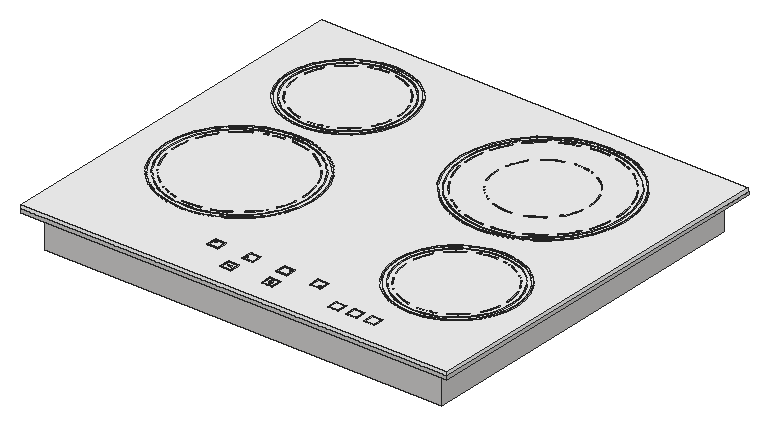
Revit family "QF_Summit_CR4B23T6W_4-Burner Radiant Cooktop", category Specialty Equipment, Revit 2020
Family settings
  Round Connector Dimension = Use Diameter
  Part Type = Normal
  Work Plane-Based = No
  Always vertical = Yes
  Cut with Voids When Loaded = No
  Shared = No
  Room Calculation Point = No
Parameters
  Weight in Pounds = 20
  Watts = Volts * FL Amps  # 6900 W
  Volts = 230 V
  URL Cutsheet = ""
  Specification by User = ""
  Specification by Manufacturer = ""
  Serial Number = ""
  Seismic Rating = ""
  SMACNA No = ""
  Revision Code = ""
  Phase = 1
  Number of Poles = 1
  NAFEM Spec ID Number = ""
  Model = "CR4B23T6W"
  Min Ckt Ampacity = 0 A
  Max Overcurrent Protection = 0 A
  Masterspec = ""
  Manufacturer = "Summit"
  Length = 23 1/4"
  Item Number = ""
  Installed By = ""
  Identify Quantity as Lot = yes
  Height = 2"
  HP = ""
  Furnished By = ""
  Foodservice Equipment Identifier = yes
  FL Amps = 30 A
  Electrical Remarks = ""
  Electric Connection Type = ""
  Elec Conn RI Height = 0"
  Elec Conn Connection Height = 0"
  Description = "4-Burner Radiant Cooktop"
  Depth = 20 1/2"
  Default Elevation = 0"
  Cycle = 60 Hz
  Conn Plug = ""
  Conn Conduit = yes
  CSI MasterFormat = ""
  Apparent Power = if(Phase = 3, Volts * FL Amps * 1.73, Volts * FL Amps)  # 6900 VA
Reference planes (in)
  plane 1 "BACK": y = 0
  plane 2: z = 0
  plane 3 "LEFT": x = 0
  plane 4 "RIGHT": x = 23.25
  plane 5 "FRONT": y = -20.5
  plane 6 "TOP": z = 2
  plane 7 "Center Y": x = 11.625
  plane 8 "Center X": y = -10.25
  plane 9: z = 2.1875
  plane 10: x = 0.8125
  plane 11: x = 22.4375
  plane 12: y = -0.625
  plane 13: y = -19.875
  plane 14: x = 14.4375
Forms (in)
  Extrusion 1, solid, material "QF_Plastic_White_Smooth"
    sketch origin (-38.39759, -180, 2) x (-1, 0, 0) y (0, -1, 0)
      loop
        line (-38.39759, -180) -> (-38.39759, -159.5) -> (-61.64759, -159.5) -> (-61.64759, -180) -> (-38.39759, -180)
      loop
        arc (-41.04008, -174.14372) -> (-41.31494, -173.75111) -> (-41.65378, -173.41218) r 2.75
        line (-41.65378, -173.41218) -> (-41.67597, -173.43436)
        arc (-41.67597, -173.43436) -> (-41.33976, -173.77015) -> (-41.06715, -174.15935) r 2.71875
        line (-41.06715, -174.15935) -> (-41.04008, -174.14372)
      loop
        circle (-43.42176, -175.51854) r 3
      loop
        circle (-43.42176, -175.51854) r 3.27294
      loop
        circle (-43.42176, -175.51854) r 3.21044
      loop
        circle (-43.42176, -175.51854) r 2.96875
      loop
        line (-42.4519, -178.09184) -> (-42.46293, -178.0626)
        arc (-42.46293, -178.0626) -> (-42.95187, -178.19638) -> (-43.45715, -178.23706) r 2.71875
        line (-43.45715, -178.23706) -> (-43.45715, -178.26831)
        arc (-43.45715, -178.26831) -> (-42.94627, -178.22712) -> (-42.4519, -178.09184) r 2.75
      loop
        line (-43.86888, -178.23195) -> (-43.8638, -178.20111)
        arc (-43.8638, -178.20111) -> (-44.3558, -178.07181) -> (-44.8151, -177.85311) r 2.71875
        line (-44.8151, -177.85311) -> (-44.83111, -177.87994)
        arc (-44.83111, -177.87994) -> (-44.36653, -178.10116) -> (-43.86888, -178.23195) r 2.75
      loop
        line (-45.1697, -177.64156) -> (-45.1475, -177.61936)
        arc (-45.1475, -177.61936) -> (-45.49724, -177.27467) -> (-45.77927, -176.8727) r 2.71875
        line (-45.77927, -176.8727) -> (-45.80637, -176.88826)
        arc (-45.80637, -176.88826) -> (-45.52208, -177.29369) -> (-45.1697, -177.64156) r 2.75
      loop
        line (-45.98718, -176.50906) -> (-45.95802, -176.4978)
        arc (-45.95802, -176.4978) -> (-46.0918, -176.03086) -> (-46.14035, -175.54757) r 2.71875
        line (-46.14035, -175.54757) -> (-46.1716, -175.54757)
        arc (-46.1716, -175.54757) -> (-46.12252, -176.03659) -> (-45.98718, -176.50906) r 2.75
      loop
        line (-46.13425, -175.06592) -> (-46.10343, -175.07106)
        arc (-46.10343, -175.07106) -> (-45.98392, -174.60918) -> (-45.78551, -174.17531) r 2.71875
        line (-45.78551, -174.17531) -> (-45.81268, -174.15987)
        arc (-45.81268, -174.15987) -> (-46.01337, -174.59873) -> (-46.13425, -175.06592) r 2.75
      loop
        line (-45.52732, -173.74961) -> (-45.50513, -173.77179)
        arc (-45.50513, -173.77179) -> (-45.16089, -173.4288) -> (-44.76108, -173.15257) r 2.71875
        line (-44.76108, -173.15257) -> (-44.77647, -173.12537)
        arc (-44.77647, -173.12537) -> (-45.17982, -173.4039) -> (-45.52732, -173.74961) r 2.75
      loop
        line (-44.40497, -172.95031) -> (-44.3938, -172.9795)
        arc (-44.3938, -172.9795) -> (-43.93729, -172.84912) -> (-43.46506, -172.80014) r 2.71875
        line (-43.46506, -172.80014) -> (-43.46506, -172.76888)
        arc (-43.46506, -172.76888) -> (-43.94297, -172.81839) -> (-44.40497, -172.95031) r 2.75
      loop
        line (-42.93344, -172.81224) -> (-42.93899, -172.843)
        arc (-42.93899, -172.843) -> (-42.48939, -172.96466) -> (-42.06715, -173.16129) r 2.71875
        line (-42.06715, -173.16129) -> (-42.05158, -173.1342)
        arc (-42.05158, -173.1342) -> (-42.47867, -172.93531) -> (-42.93344, -172.81224) r 2.75
      loop
        line (-40.84101, -174.56867) -> (-40.87034, -174.57947)
        arc (-40.87034, -174.57947) -> (-40.75013, -175.01455) -> (-40.70356, -175.46352) r 2.71875
        line (-40.70356, -175.46352) -> (-40.67231, -175.46352)
        arc (-40.67231, -175.46352) -> (-40.71936, -175.00906) -> (-40.84101, -174.56867) r 2.75
      loop
        line (-40.70948, -175.97245) -> (-40.7403, -175.96729)
        arc (-40.7403, -175.96729) -> (-40.85928, -176.42701) -> (-41.05644, -176.85901) r 2.71875
        line (-41.05644, -176.85901) -> (-41.02925, -176.87442)
        arc (-41.02925, -176.87442) -> (-40.82983, -176.43745) -> (-40.70948, -175.97245) r 2.75
      loop
        arc (-42.06227, -177.909) -> (-41.66364, -177.63314) -> (-41.31964, -177.29157) r 2.75
        line (-41.31964, -177.29157) -> (-41.34353, -177.27142)
        arc (-41.34353, -177.27142) -> (-41.68362, -177.60911) -> (-42.07772, -177.88183) r 2.71875
        line (-42.07772, -177.88183) -> (-42.06227, -177.909)
      loop
        arc (-54.73567, -164.43448) -> (-55.01053, -164.04186) -> (-55.34937, -163.70293) r 2.75
        line (-55.34937, -163.70293) -> (-55.37155, -163.72511)
        arc (-55.37155, -163.72511) -> (-55.03535, -164.0609) -> (-54.76273, -164.4501) r 2.71875
        line (-54.76273, -164.4501) -> (-54.73567, -164.43448)
      loop
        circle (-57.11734, -165.80929) r 3
      loop
        circle (-57.11734, -165.80929) r 3.27294
      loop
        circle (-57.11734, -165.80929) r 3.21044
      loop
        circle (-57.11734, -165.80929) r 2.96875
      loop
        line (-56.14749, -168.3826) -> (-56.15851, -168.35335)
        arc (-56.15851, -168.35335) -> (-56.64746, -168.48713) -> (-57.15274, -168.52781) r 2.71875
        line (-57.15274, -168.52781) -> (-57.15274, -168.55907)
        arc (-57.15274, -168.55907) -> (-56.64186, -168.51788) -> (-56.14749, -168.3826) r 2.75
      loop
        line (-57.56447, -168.5227) -> (-57.55939, -168.49187)
        arc (-57.55939, -168.49187) -> (-58.05139, -168.36256) -> (-58.51068, -168.14386) r 2.71875
        line (-58.51068, -168.14386) -> (-58.5267, -168.1707)
        arc (-58.5267, -168.1707) -> (-58.06212, -168.39191) -> (-57.56447, -168.5227) r 2.75
      loop
        line (-58.86529, -167.93231) -> (-58.84309, -167.91011)
        arc (-58.84309, -167.91011) -> (-59.19282, -167.56542) -> (-59.47486, -167.16345) r 2.71875
        line (-59.47486, -167.16345) -> (-59.50195, -167.17902)
        arc (-59.50195, -167.17902) -> (-59.21767, -167.58444) -> (-58.86529, -167.93231) r 2.75
      loop
        line (-59.68276, -166.79981) -> (-59.65361, -166.78856)
        arc (-59.65361, -166.78856) -> (-59.78739, -166.32162) -> (-59.83594, -165.83832) r 2.71875
        line (-59.83594, -165.83832) -> (-59.86719, -165.83832)
        arc (-59.86719, -165.83832) -> (-59.81811, -166.32734) -> (-59.68276, -166.79981) r 2.75
      loop
        line (-59.82984, -165.35667) -> (-59.79902, -165.36181)
        arc (-59.79902, -165.36181) -> (-59.67951, -164.89994) -> (-59.4811, -164.46606) r 2.71875
        line (-59.4811, -164.46606) -> (-59.50827, -164.45062)
        arc (-59.50827, -164.45062) -> (-59.70896, -164.88948) -> (-59.82984, -165.35667) r 2.75
      loop
        line (-59.2229, -164.04036) -> (-59.20072, -164.06254)
        arc (-59.20072, -164.06254) -> (-58.85647, -163.71955) -> (-58.45666, -163.44332) r 2.71875
        line (-58.45666, -163.44332) -> (-58.47206, -163.41613)
        arc (-58.47206, -163.41613) -> (-58.87541, -163.69465) -> (-59.2229, -164.04036) r 2.75
      loop
        line (-58.10056, -163.24107) -> (-58.08939, -163.27025)
        arc (-58.08939, -163.27025) -> (-57.63288, -163.13987) -> (-57.16064, -163.09089) r 2.71875
        line (-57.16064, -163.09089) -> (-57.16064, -163.05963)
        arc (-57.16064, -163.05963) -> (-57.63856, -163.10914) -> (-58.10056, -163.24107) r 2.75
      loop
        line (-56.62903, -163.103) -> (-56.63458, -163.13375)
        arc (-56.63458, -163.13375) -> (-56.18497, -163.25542) -> (-55.76273, -163.45204) r 2.71875
        line (-55.76273, -163.45204) -> (-55.74716, -163.42495)
        arc (-55.74716, -163.42495) -> (-56.17426, -163.22606) -> (-56.62903, -163.103) r 2.75
      loop
        line (-54.5366, -164.85942) -> (-54.56593, -164.87022)
        arc (-54.56593, -164.87022) -> (-54.44572, -165.3053) -> (-54.39915, -165.75427) r 2.71875
        line (-54.39915, -165.75427) -> (-54.3679, -165.75427)
        arc (-54.3679, -165.75427) -> (-54.41495, -165.29982) -> (-54.5366, -164.85942) r 2.75
      loop
        line (-54.40506, -166.2632) -> (-54.43588, -166.25804)
        arc (-54.43588, -166.25804) -> (-54.55487, -166.71776) -> (-54.75202, -167.14976) r 2.71875
        line (-54.75202, -167.14976) -> (-54.72484, -167.16517)
        arc (-54.72484, -167.16517) -> (-54.52541, -166.7282) -> (-54.40506, -166.2632) r 2.75
      loop
        arc (-55.75785, -168.19975) -> (-55.35923, -167.92389) -> (-55.01523, -167.58232) r 2.75
        line (-55.01523, -167.58232) -> (-55.03912, -167.56217)
        arc (-55.03912, -167.56217) -> (-55.3792, -167.89986) -> (-55.7733, -168.17259) r 2.71875
        line (-55.7733, -168.17259) -> (-55.75785, -168.19975)
      loop
        arc (-43.57188, -171.03287) -> (-43.093, -170.95522) -> (-42.62947, -170.8121) r 3.5
        line (-42.62947, -170.8121) -> (-42.64074, -170.78295)
        arc (-42.64074, -170.78295) -> (-43.10013, -170.92479) -> (-43.57473, -171.00175) r 3.46875
        line (-43.57473, -171.00175) -> (-43.57188, -171.03287)
      loop
        circle (-43.89132, -167.54748) r 3.75
      loop
        circle (-43.89132, -167.54748) r 3.71875
      loop
        circle (-43.89132, -167.54748) r 4.0233
      loop
        circle (-43.89132, -167.54748) r 3.9608
      loop
        arc (-42.16862, -170.59417) -> (-41.75362, -170.3188) -> (-41.3819, -169.98731) r 3.5
        line (-41.3819, -169.98731) -> (-41.404, -169.96522)
        arc (-41.404, -169.96522) -> (-41.77253, -170.29392) -> (-42.184, -170.56696) r 3.46875
        line (-42.184, -170.56696) -> (-42.16862, -170.59417)
      loop
        arc (-41.07331, -169.62325) -> (-40.80021, -169.18913) -> (-40.59348, -168.71975) r 3.5
        line (-40.59348, -168.71975) -> (-40.62292, -168.70928)
        arc (-40.62292, -168.70928) -> (-40.82781, -169.17447) -> (-41.09847, -169.60471) r 3.46875
        line (-41.09847, -169.60471) -> (-41.07331, -169.62325)
      loop
        arc (-40.47444, -168.30573) -> (-40.40019, -167.79652) -> (-40.40141, -167.28193) r 3.5
        line (-40.40141, -167.28193) -> (-40.43257, -167.2843)
        arc (-40.43257, -167.2843) -> (-40.43137, -167.7943) -> (-40.50495, -168.29896) r 3.46875
        line (-40.50495, -168.29896) -> (-40.47444, -168.30573)
      loop
        arc (-40.47124, -166.8038) -> (-40.61384, -166.31942) -> (-40.82466, -165.86059) r 3.5
        line (-40.82466, -165.86059) -> (-40.85204, -165.87565)
        arc (-40.85204, -165.87565) -> (-40.64311, -166.33038) -> (-40.50178, -166.81044) r 3.46875
        line (-40.50178, -166.81044) -> (-40.47124, -166.8038)
      loop
        arc (-41.04351, -165.51279) -> (-41.3867, -165.10271) -> (-41.78835, -164.74971) r 3.5
        line (-41.78835, -164.74971) -> (-41.80713, -164.77469)
        arc (-41.80713, -164.77469) -> (-41.40906, -165.12454) -> (-41.06894, -165.53095) r 3.46875
        line (-41.06894, -165.53095) -> (-41.04351, -165.51279)
      loop
        arc (-42.16137, -164.5049) -> (-42.61936, -164.28679) -> (-43.10406, -164.13717) r 3.5
        line (-43.10406, -164.13717) -> (-43.11109, -164.16762)
        arc (-43.11109, -164.16762) -> (-42.63071, -164.3159) -> (-42.17682, -164.53207) r 3.46875
        line (-42.17682, -164.53207) -> (-42.16137, -164.5049)
      loop
        arc (-43.56884, -164.06237) -> (-44.06246, -164.05167) -> (-44.55267, -164.11053) r 3.5
        line (-44.55267, -164.11053) -> (-44.54677, -164.14122)
        arc (-44.54677, -164.14122) -> (-44.06093, -164.08288) -> (-43.57172, -164.09348) r 3.46875
        line (-43.57172, -164.09348) -> (-43.56884, -164.06237)
      loop
        arc (-44.9796, -164.22097) -> (-45.4328, -164.40521) -> (-45.85588, -164.65084) r 3.5
        line (-45.85588, -164.65084) -> (-45.83834, -164.67671)
        arc (-45.83834, -164.67671) -> (-45.41904, -164.43327) -> (-44.96988, -164.25067) r 3.46875
        line (-44.96988, -164.25067) -> (-44.9796, -164.22097)
      loop
        arc (-46.24185, -164.95422) -> (-46.58867, -165.31716) -> (-46.88, -165.72599) r 3.5
        line (-46.88, -165.72599) -> (-46.85332, -165.74226)
        arc (-46.85332, -165.74226) -> (-46.5641, -165.33649) -> (-46.21973, -164.97634) r 3.46875
        line (-46.21973, -164.97634) -> (-46.24185, -164.95422)
      loop
        arc (-47.0906, -166.1281) -> (-47.25975, -166.59685) -> (-47.36062, -167.08487) r 3.5
        line (-47.36062, -167.08487) -> (-47.32964, -167.089)
        arc (-47.32964, -167.089) -> (-47.22967, -166.60533) -> (-47.06203, -166.14077) r 3.46875
        line (-47.06203, -166.14077) -> (-47.0906, -166.1281)
      loop
        arc (-47.39125, -167.52549) -> (-47.35134, -168.075) -> (-47.22569, -168.61144) r 3.5
        line (-47.22569, -168.61144) -> (-47.19592, -168.60194)
        arc (-47.19592, -168.60194) -> (-47.32046, -168.07019) -> (-47.36, -167.52549) r 3.46875
        line (-47.36, -167.52549) -> (-47.39125, -167.52549)
      loop
        arc (-47.10293, -168.93873) -> (-46.86822, -169.38815) -> (-46.57104, -169.79895) r 3.5
        line (-46.57104, -169.79895) -> (-46.54711, -169.77885)
        arc (-46.54711, -169.77885) -> (-46.84164, -169.37172) -> (-47.07425, -168.92631) r 3.46875
        line (-47.07425, -168.92631) -> (-47.10293, -168.93873)
      loop
        arc (-46.27452, -170.11075) -> (-45.85387, -170.44548) -> (-45.38692, -170.71184) r 3.5
        line (-45.38692, -170.71184) -> (-45.37356, -170.68359)
        arc (-45.37356, -170.68359) -> (-45.83587, -170.41992) -> (-46.25241, -170.08864) r 3.46875
        line (-46.25241, -170.08864) -> (-46.27452, -170.11075)
      loop
        arc (-45.01684, -170.86157) -> (-44.52617, -170.98942) -> (-44.02217, -171.04503) r 3.5
        line (-44.02217, -171.04503) -> (-44.021, -171.0138)
        arc (-44.021, -171.0138) -> (-44.5205, -170.95869) -> (-45.00679, -170.83198) r 3.46875
        line (-45.00679, -170.83198) -> (-45.01684, -170.86157)
      loop
        arc (-52.45498, -177.74141) -> (-52.05312, -177.39958) -> (-51.6991, -177.00841) r 4.05
        line (-51.6991, -177.00841) -> (-51.72359, -176.989)
        arc (-51.72359, -176.989) -> (-52.07652, -177.37874) -> (-52.47732, -177.71908) r 4.01875
        line (-52.47732, -177.71908) -> (-52.45498, -177.74141)
      loop
        circle (-54.87257, -174.49214) r 4.2795
      loop
        circle (-54.87257, -174.49214) r 4.24825
      loop
        circle (-54.87257, -174.49214) r 4.53349
      loop
        circle (-54.87257, -174.49214) r 4.47099
      loop
        line (-52.8956, -178.02684) -> (-52.91086, -177.99957)
        arc (-52.91086, -177.99957) -> (-53.35645, -178.21393) -> (-53.82499, -178.37195) r 4.01875
        line (-53.82499, -178.37195) -> (-53.81685, -178.40212)
        arc (-53.81685, -178.40212) -> (-53.34466, -178.24288) -> (-52.8956, -178.02684) r 4.05
      loop
        line (-54.27132, -178.49726) -> (-54.27596, -178.46636)
        arc (-54.27596, -178.46636) -> (-54.78248, -178.50988) -> (-55.29045, -178.48911) r 4.01875
        line (-55.29045, -178.48911) -> (-55.2937, -178.52019)
        arc (-55.2937, -178.52019) -> (-54.78178, -178.54113) -> (-54.27132, -178.49726) r 4.05
      loop
        line (-55.71473, -178.45361) -> (-55.70824, -178.42305)
        arc (-55.70824, -178.42305) -> (-56.21211, -178.28107) -> (-56.69326, -178.0748) r 4.01875
        line (-56.69326, -178.0748) -> (-56.70742, -178.10266)
        arc (-56.70742, -178.10266) -> (-56.22253, -178.31053) -> (-55.71473, -178.45361) r 4.05
      loop
        line (-57.07049, -177.89386) -> (-57.05353, -177.86761)
        arc (-57.05353, -177.86761) -> (-57.47745, -177.55236) -> (-57.85636, -177.18423) r 4.01875
        line (-57.85636, -177.18423) -> (-57.87849, -177.20635)
        arc (-57.87849, -177.20635) -> (-57.4971, -177.57668) -> (-57.07049, -177.89386) r 4.05
      loop
        line (-58.17072, -176.84262) -> (-58.14527, -176.82448)
        arc (-58.14527, -176.82448) -> (-58.4419, -176.33883) -> (-58.66696, -175.81614) r 4.01875
        line (-58.66696, -175.81614) -> (-58.69646, -175.82644)
        arc (-58.69646, -175.82644) -> (-58.46965, -176.35319) -> (-58.17072, -176.84262) r 4.05
      loop
        line (-58.78815, -175.52689) -> (-58.75794, -175.51891)
        arc (-58.75794, -175.51891) -> (-58.8562, -175.02227) -> (-58.89124, -174.51722) r 4.01875
        line (-58.89124, -174.51722) -> (-58.92249, -174.51722)
        arc (-58.92249, -174.51722) -> (-58.88719, -175.02629) -> (-58.78815, -175.52689) r 4.05
      loop
        line (-58.89637, -174.03224) -> (-58.86532, -174.03578)
        arc (-58.86532, -174.03578) -> (-58.77301, -173.5242) -> (-58.61543, -173.02881) r 4.01875
        line (-58.61543, -173.02881) -> (-58.64453, -173.01743)
        arc (-58.64453, -173.01743) -> (-58.80334, -173.51667) -> (-58.89637, -174.03224) r 4.05
      loop
        line (-58.46771, -172.62734) -> (-58.43997, -172.64173)
        arc (-58.43997, -172.64173) -> (-58.16789, -172.19188) -> (-57.83942, -171.7814) r 4.01875
        line (-57.83942, -171.7814) -> (-57.86154, -171.75928)
        arc (-57.86154, -171.75928) -> (-58.19311, -172.17342) -> (-58.46771, -172.62734) r 4.05
      loop
        line (-57.56004, -171.46229) -> (-57.5379, -171.48443)
        arc (-57.5379, -171.48443) -> (-57.11978, -171.16042) -> (-56.66273, -170.89413) r 4.01875
        line (-56.66273, -170.89413) -> (-56.67665, -170.86615)
        arc (-56.67665, -170.86615) -> (-57.13804, -171.13504) -> (-57.56004, -171.46229) r 4.05
      loop
        line (-56.29515, -170.70021) -> (-56.28418, -170.72947)
        arc (-56.28418, -170.72947) -> (-55.76552, -170.57385) -> (-55.23064, -170.48938) r 4.01875
        line (-55.23064, -170.48938) -> (-55.23343, -170.45825)
        arc (-55.23343, -170.45825) -> (-55.77246, -170.54338) -> (-56.29515, -170.70021) r 4.05
      loop
        line (-54.80602, -170.44269) -> (-54.80602, -170.47394)
        arc (-54.80602, -170.47394) -> (-54.2651, -170.51957) -> (-53.73527, -170.63768) r 4.01875
        line (-53.73527, -170.63768) -> (-53.72643, -170.6077)
        arc (-53.72643, -170.6077) -> (-54.26064, -170.48864) -> (-54.80602, -170.44269) r 4.05
      loop
        line (-53.29349, -170.76267) -> (-53.30567, -170.79144)
        arc (-53.30567, -170.79144) -> (-52.86462, -171.01098) -> (-52.45375, -171.28284) r 4.01875
        line (-52.45375, -171.28284) -> (-52.43144, -171.26052)
        arc (-52.43144, -171.26052) -> (-52.84711, -170.98501) -> (-53.29349, -170.76267) r 4.05
      loop
        line (-52.04776, -171.58991) -> (-52.06986, -171.61201)
        arc (-52.06986, -171.61201) -> (-51.71485, -172.00636) -> (-51.41488, -172.44404) r 4.01875
        line (-51.41488, -172.44404) -> (-51.38799, -172.42811)
        arc (-51.38799, -172.42811) -> (-51.69016, -171.98719) -> (-52.04776, -171.58991) r 4.05
      loop
        line (-51.19289, -172.80027) -> (-51.22128, -172.81333)
        arc (-51.22128, -172.81333) -> (-51.03849, -173.2879) -> (-50.9171, -173.78176) r 4.01875
        line (-50.9171, -173.78176) -> (-50.88635, -173.77624)
        arc (-50.88635, -173.77624) -> (-51.00868, -173.27854) -> (-51.19289, -172.80027) r 4.05
      loop
        line (-50.82954, -174.25468) -> (-50.86084, -174.25468)
        arc (-50.86084, -174.25468) -> (-50.86395, -174.77733) -> (-50.93486, -175.29515) r 4.01875
        line (-50.93486, -175.29515) -> (-50.90424, -175.3014)
        arc (-50.90424, -175.3014) -> (-50.83285, -174.78047) -> (-50.82954, -174.25468) r 4.05
      loop
        line (-51.00897, -175.70669) -> (-51.03879, -175.69732)
        arc (-51.03879, -175.69732) -> (-51.22812, -176.18577) -> (-51.47939, -176.64544) r 4.01875
        line (-51.47939, -176.64544) -> (-51.45301, -176.66219)
        arc (-51.45301, -176.66219) -> (-51.19978, -176.19894) -> (-51.00897, -175.70669) r 4.05
      loop
        arc (-52.85215, -176.00292) -> (-52.57537, -175.53493) -> (-52.40529, -175.01851) r 2.5228
        line (-52.40529, -175.01851) -> (-52.43585, -175.01199)
        arc (-52.43585, -175.01199) -> (-52.60383, -175.52202) -> (-52.87718, -175.98421) r 2.49155
        line (-52.87718, -175.98421) -> (-52.85215, -176.00292)
      loop
        arc (-54.13588, -176.90499) -> (-53.64709, -176.6973) -> (-53.21261, -176.3919) r 2.5228
        line (-53.21261, -176.3919) -> (-53.23476, -176.36975)
        arc (-53.23476, -176.36975) -> (-53.66319, -176.6705) -> (-54.145, -176.8751) r 2.49155
        line (-54.145, -176.8751) -> (-54.13588, -176.90499)
      loop
        line (-54.61462, -177.00172) -> (-54.61781, -176.97064)
        arc (-54.61781, -176.97064) -> (-55.1417, -176.96912) -> (-55.65369, -176.85809) r 2.49155
        line (-55.65369, -176.85809) -> (-55.66349, -176.88776)
        arc (-55.66349, -176.88776) -> (-55.14507, -177.00018) -> (-54.61462, -177.00172) r 2.5228
      loop
        line (-56.10477, -176.69355) -> (-56.08951, -176.66629)
        arc (-56.08951, -176.66629) -> (-56.52631, -176.35574) -> (-56.88659, -175.95896) r 2.49155
        line (-56.88659, -175.95896) -> (-56.91185, -175.97736)
        arc (-56.91185, -175.97736) -> (-56.54705, -176.37911) -> (-56.10477, -176.69355) r 2.5228
      loop
        line (-57.16328, -175.5491) -> (-57.13491, -175.53601)
        arc (-57.13491, -175.53601) -> (-57.30038, -175.05212) -> (-57.36357, -174.54465) r 2.49155
        line (-57.36357, -174.54465) -> (-57.39483, -174.54465)
        arc (-57.39483, -174.54465) -> (-57.3309, -175.05882) -> (-57.16328, -175.5491) r 2.5228
      loop
        line (-56.91231, -173.0613) -> (-56.93474, -173.03887)
        arc (-56.93474, -173.03887) -> (-57.20992, -173.54277) -> (-57.36405, -174.09584) r 2.5228
        line (-57.36405, -174.09584) -> (-57.33319, -174.10075)
        arc (-57.33319, -174.10075) -> (-57.18199, -173.55704) -> (-56.91231, -173.0613) r 2.49155
      loop
        arc (-56.56476, -172.6634) -> (-56.16562, -172.36239) -> (-55.71443, -172.14712) r 2.49155
        line (-55.71443, -172.14712) -> (-55.72769, -172.11868)
        arc (-55.72769, -172.11868) -> (-56.18359, -172.33674) -> (-56.58688, -172.64128) r 2.5228
        line (-56.58688, -172.64128) -> (-56.56476, -172.6634)
      loop
        arc (-55.16081, -172.01732) -> (-54.61681, -172.01375) -> (-54.08501, -172.12834) r 2.49155
        line (-54.08501, -172.12834) -> (-54.07513, -172.09869)
        arc (-54.07513, -172.09869) -> (-54.6136, -171.98267) -> (-55.16442, -171.98628) r 2.5228
        line (-55.16442, -171.98628) -> (-55.16081, -172.01732)
      loop
        arc (-53.63113, -172.33189) -> (-53.19497, -172.65) -> (-52.83756, -173.05459) r 2.49155
        line (-52.83756, -173.05459) -> (-52.81203, -173.03656)
        arc (-52.81203, -173.03656) -> (-53.17393, -172.6269) -> (-53.61556, -172.3048) r 2.5228
        line (-53.61556, -172.3048) -> (-53.63113, -172.33189)
      loop
        line (-52.38156, -174.54422) -> (-52.3503, -174.54422)
        arc (-52.3503, -174.54422) -> (-52.39211, -174.03184) -> (-52.53692, -173.53858) r 2.5228
        line (-52.53692, -173.53858) -> (-52.56585, -173.55039)
        arc (-52.56585, -173.55039) -> (-52.42278, -174.03786) -> (-52.38156, -174.54422) r 2.49155
      loop
        line (-47.32349, -161.78153) -> (-47.32349, -162.35745) -> (-46.74931, -162.35745) -> (-46.74931, -161.78153) -> (-47.32349, -161.78153)
      loop
        line (-46.78056, -162.3262) -> (-46.78056, -161.81278) -> (-47.29224, -161.81278) -> (-47.29224, -162.3262) -> (-46.78056, -162.3262)
      loop
        circle (-46.87158, -162.23824) r 0.07011
      loop
        line (-49.21686, -161.78153) -> (-49.21686, -162.35745) -> (-48.64268, -162.35745) -> (-48.64268, -161.78153) -> (-49.21686, -161.78153)
      loop
        line (-48.67393, -162.3262) -> (-48.67393, -161.81278) -> (-49.18561, -161.81278) -> (-49.18561, -162.3262) -> (-48.67393, -162.3262)
      loop
        circle (-48.76496, -161.9042) r 0.07011
      loop
        line (-50.49883, -161.78153) -> (-51.07302, -161.78153) -> (-51.07302, -162.35745) -> (-50.49883, -162.35745) -> (-50.49883, -161.78153)
      loop
        line (-51.04177, -162.3262) -> (-50.53008, -162.3262) -> (-50.53008, -161.81278) -> (-51.04177, -161.81278) -> (-51.04177, -162.3262)
      loop
        circle (-50.95074, -162.23824) r 0.07011
      loop
        line (-52.33461, -161.78153) -> (-52.90879, -161.78153) -> (-52.90879, -162.35745) -> (-52.33461, -162.35745) -> (-52.33461, -161.78153)
      loop
        line (-52.87754, -162.3262) -> (-52.36586, -162.3262) -> (-52.36586, -161.81278) -> (-52.87754, -161.81278) -> (-52.87754, -162.3262)
      loop
        circle (-52.78651, -161.9042) r 0.07011
      loop
        line (-48.94631, -160.63956) -> (-48.94631, -161.21549) -> (-48.37213, -161.21549) -> (-48.37213, -160.63956) -> (-48.94631, -160.63956)
      loop
        line (-48.40338, -161.18424) -> (-48.40338, -160.67081) -> (-48.91506, -160.67081) -> (-48.91506, -161.18424) -> (-48.40338, -161.18424)
      loop
        line (-48.55969, -160.95327) -> (-48.55969, -160.90179) -> (-48.75875, -160.90179) -> (-48.75875, -160.95327) -> (-48.55969, -160.95327)
      loop
        line (-51.19631, -160.63956) -> (-51.19631, -161.21549) -> (-50.62213, -161.21549) -> (-50.62213, -160.63956) -> (-51.19631, -160.63956)
      loop
        line (-50.65338, -161.18424) -> (-50.65338, -160.67081) -> (-51.16506, -160.67081) -> (-51.16506, -161.18424) -> (-50.65338, -161.18424)
      loop
        line (-50.80969, -160.95327) -> (-50.80969, -160.90179) -> (-50.88348, -160.90179) -> (-50.88348, -160.82799) -> (-50.93496, -160.82799) -> (-50.93496, -160.90179) -> (-51.00875, -160.90179) -> (-51.00875, -160.95327) -> (-50.93496, -160.95327) -> (-50.93496, -161.02706) -> (-50.88348, -161.02706) -> (-50.88348, -160.95327) -> (-50.80969, -160.95327)
      loop
        line (-54.69631, -160.75675) -> (-54.69631, -161.33268) -> (-54.12213, -161.33268) -> (-54.12213, -160.75675) -> (-54.69631, -160.75675)
      loop
        line (-54.15338, -161.30143) -> (-54.15338, -160.788) -> (-54.66506, -160.788) -> (-54.66506, -161.30143) -> (-54.15338, -161.30143)
      loop
        line (-55.69652, -160.75675) -> (-55.69652, -161.33268) -> (-55.12233, -161.33268) -> (-55.12233, -160.75675) -> (-55.69652, -160.75675)
      loop
        line (-55.15358, -161.30143) -> (-55.15358, -160.788) -> (-55.66527, -160.788) -> (-55.66527, -161.30143) -> (-55.15358, -161.30143)
      loop
        line (-56.6701, -160.75675) -> (-56.6701, -161.33268) -> (-56.09592, -161.33268) -> (-56.09592, -160.75675) -> (-56.6701, -160.75675)
      loop
        line (-56.12717, -161.30143) -> (-56.12717, -160.788) -> (-56.63885, -160.788) -> (-56.63885, -161.30143) -> (-56.12717, -161.30143)
    from 0 to 0.1875
  Extrusion 2, solid, material "QF_Plastic_White_Smooth"
    sketch origin (-38.39759, -180, 2) x (-1, 0, 0) y (0, -1, 0)
      loop
        circle (-43.42176, -175.51854) r 3.27294
      loop
        circle (-43.42176, -175.51854) r 3.21044
      loop
        circle (-43.42176, -175.51854) r 3
      loop
        circle (-43.42176, -175.51854) r 2.96875
      loop
        line (-42.07772, -177.88183) -> (-42.06227, -177.909)
        arc (-42.06227, -177.909) -> (-41.66364, -177.63314) -> (-41.31964, -177.29157) r 2.75
        line (-41.31964, -177.29157) -> (-41.34353, -177.27142)
        arc (-41.34353, -177.27142) -> (-41.68362, -177.60911) -> (-42.07772, -177.88183) r 2.71875
      loop
        line (-42.4519, -178.09184) -> (-42.46293, -178.0626)
        arc (-42.46293, -178.0626) -> (-42.95187, -178.19638) -> (-43.45715, -178.23706) r 2.71875
        line (-43.45715, -178.23706) -> (-43.45715, -178.26831)
        arc (-43.45715, -178.26831) -> (-42.94627, -178.22712) -> (-42.4519, -178.09184) r 2.75
      loop
        line (-43.86888, -178.23195) -> (-43.8638, -178.20111)
        arc (-43.8638, -178.20111) -> (-44.3558, -178.07181) -> (-44.8151, -177.85311) r 2.71875
        line (-44.8151, -177.85311) -> (-44.83111, -177.87994)
        arc (-44.83111, -177.87994) -> (-44.36653, -178.10116) -> (-43.86888, -178.23195) r 2.75
      loop
        line (-45.1697, -177.64156) -> (-45.1475, -177.61936)
        arc (-45.1475, -177.61936) -> (-45.49724, -177.27467) -> (-45.77927, -176.8727) r 2.71875
        line (-45.77927, -176.8727) -> (-45.80637, -176.88826)
        arc (-45.80637, -176.88826) -> (-45.52208, -177.29369) -> (-45.1697, -177.64156) r 2.75
      loop
        line (-45.98718, -176.50906) -> (-45.95802, -176.4978)
        arc (-45.95802, -176.4978) -> (-46.0918, -176.03086) -> (-46.14035, -175.54757) r 2.71875
        line (-46.14035, -175.54757) -> (-46.1716, -175.54757)
        arc (-46.1716, -175.54757) -> (-46.12252, -176.03659) -> (-45.98718, -176.50906) r 2.75
      loop
        line (-46.13425, -175.06592) -> (-46.10343, -175.07106)
        arc (-46.10343, -175.07106) -> (-45.98392, -174.60918) -> (-45.78551, -174.17531) r 2.71875
        line (-45.78551, -174.17531) -> (-45.81268, -174.15987)
        arc (-45.81268, -174.15987) -> (-46.01337, -174.59873) -> (-46.13425, -175.06592) r 2.75
      loop
        line (-45.52732, -173.74961) -> (-45.50513, -173.77179)
        arc (-45.50513, -173.77179) -> (-45.16089, -173.4288) -> (-44.76108, -173.15257) r 2.71875
        line (-44.76108, -173.15257) -> (-44.77647, -173.12537)
        arc (-44.77647, -173.12537) -> (-45.17982, -173.4039) -> (-45.52732, -173.74961) r 2.75
      loop
        line (-44.40497, -172.95031) -> (-44.3938, -172.9795)
        arc (-44.3938, -172.9795) -> (-43.93729, -172.84912) -> (-43.46506, -172.80014) r 2.71875
        line (-43.46506, -172.80014) -> (-43.46506, -172.76888)
        arc (-43.46506, -172.76888) -> (-43.94297, -172.81839) -> (-44.40497, -172.95031) r 2.75
      loop
        line (-42.93344, -172.81224) -> (-42.93899, -172.843)
        arc (-42.93899, -172.843) -> (-42.48939, -172.96466) -> (-42.06715, -173.16129) r 2.71875
        line (-42.06715, -173.16129) -> (-42.05158, -173.1342)
        arc (-42.05158, -173.1342) -> (-42.47867, -172.93531) -> (-42.93344, -172.81224) r 2.75
      loop
        line (-41.65378, -173.41218) -> (-41.67597, -173.43436)
        arc (-41.67597, -173.43436) -> (-41.33976, -173.77015) -> (-41.06715, -174.15935) r 2.71875
        line (-41.06715, -174.15935) -> (-41.04008, -174.14372)
        arc (-41.04008, -174.14372) -> (-41.31494, -173.75111) -> (-41.65378, -173.41218) r 2.75
      loop
        line (-40.84101, -174.56867) -> (-40.87034, -174.57947)
        arc (-40.87034, -174.57947) -> (-40.75013, -175.01455) -> (-40.70356, -175.46352) r 2.71875
        line (-40.70356, -175.46352) -> (-40.67231, -175.46352)
        arc (-40.67231, -175.46352) -> (-40.71936, -175.00906) -> (-40.84101, -174.56867) r 2.75
      loop
        line (-40.70948, -175.97245) -> (-40.7403, -175.96729)
        arc (-40.7403, -175.96729) -> (-40.85928, -176.42701) -> (-41.05644, -176.85901) r 2.71875
        line (-41.05644, -176.85901) -> (-41.02925, -176.87442)
        arc (-41.02925, -176.87442) -> (-40.82983, -176.43745) -> (-40.70948, -175.97245) r 2.75
      loop
        circle (-43.89132, -167.54748) r 4.0233
      loop
        circle (-43.89132, -167.54748) r 3.9608
      loop
        circle (-43.89132, -167.54748) r 3.75
      loop
        circle (-43.89132, -167.54748) r 3.71875
      loop
        line (-41.09847, -169.60471) -> (-41.07331, -169.62325)
        arc (-41.07331, -169.62325) -> (-40.80021, -169.18913) -> (-40.59348, -168.71975) r 3.5
        line (-40.59348, -168.71975) -> (-40.62292, -168.70928)
        arc (-40.62292, -168.70928) -> (-40.82781, -169.17447) -> (-41.09847, -169.60471) r 3.46875
      loop
        line (-42.184, -170.56696) -> (-42.16862, -170.59417)
        arc (-42.16862, -170.59417) -> (-41.75362, -170.3188) -> (-41.3819, -169.98731) r 3.5
        line (-41.3819, -169.98731) -> (-41.404, -169.96522)
        arc (-41.404, -169.96522) -> (-41.77253, -170.29392) -> (-42.184, -170.56696) r 3.46875
      loop
        line (-43.57473, -171.00175) -> (-43.57188, -171.03287)
        arc (-43.57188, -171.03287) -> (-43.093, -170.95522) -> (-42.62947, -170.8121) r 3.5
        line (-42.62947, -170.8121) -> (-42.64074, -170.78295)
        arc (-42.64074, -170.78295) -> (-43.10013, -170.92479) -> (-43.57473, -171.00175) r 3.46875
      loop
        line (-45.00679, -170.83198) -> (-45.01684, -170.86157)
        arc (-45.01684, -170.86157) -> (-44.52617, -170.98942) -> (-44.02217, -171.04503) r 3.5
        line (-44.02217, -171.04503) -> (-44.021, -171.0138)
        arc (-44.021, -171.0138) -> (-44.5205, -170.95869) -> (-45.00679, -170.83198) r 3.46875
      loop
        line (-46.25241, -170.08864) -> (-46.27452, -170.11075)
        arc (-46.27452, -170.11075) -> (-45.85387, -170.44548) -> (-45.38692, -170.71184) r 3.5
        line (-45.38692, -170.71184) -> (-45.37356, -170.68359)
        arc (-45.37356, -170.68359) -> (-45.83587, -170.41992) -> (-46.25241, -170.08864) r 3.46875
      loop
        line (-47.07425, -168.92631) -> (-47.10293, -168.93873)
        arc (-47.10293, -168.93873) -> (-46.86822, -169.38815) -> (-46.57104, -169.79895) r 3.5
        line (-46.57104, -169.79895) -> (-46.54711, -169.77885)
        arc (-46.54711, -169.77885) -> (-46.84164, -169.37172) -> (-47.07425, -168.92631) r 3.46875
      loop
        line (-47.36, -167.52549) -> (-47.39125, -167.52549)
        arc (-47.39125, -167.52549) -> (-47.35134, -168.075) -> (-47.22569, -168.61144) r 3.5
        line (-47.22569, -168.61144) -> (-47.19592, -168.60194)
        arc (-47.19592, -168.60194) -> (-47.32046, -168.07019) -> (-47.36, -167.52549) r 3.46875
      loop
        line (-47.36062, -167.08487) -> (-47.32964, -167.089)
        arc (-47.32964, -167.089) -> (-47.22967, -166.60533) -> (-47.06203, -166.14077) r 3.46875
        line (-47.06203, -166.14077) -> (-47.0906, -166.1281)
        arc (-47.0906, -166.1281) -> (-47.25975, -166.59685) -> (-47.36062, -167.08487) r 3.5
      loop
        line (-46.88, -165.72599) -> (-46.85332, -165.74226)
        arc (-46.85332, -165.74226) -> (-46.5641, -165.33649) -> (-46.21973, -164.97634) r 3.46875
        line (-46.21973, -164.97634) -> (-46.24185, -164.95422)
        arc (-46.24185, -164.95422) -> (-46.58867, -165.31716) -> (-46.88, -165.72599) r 3.5
      loop
        line (-45.85588, -164.65084) -> (-45.83834, -164.67671)
        arc (-45.83834, -164.67671) -> (-45.41904, -164.43327) -> (-44.96988, -164.25067) r 3.46875
        line (-44.96988, -164.25067) -> (-44.9796, -164.22097)
        arc (-44.9796, -164.22097) -> (-45.4328, -164.40521) -> (-45.85588, -164.65084) r 3.5
      loop
        line (-44.55267, -164.11053) -> (-44.54677, -164.14122)
        arc (-44.54677, -164.14122) -> (-44.06093, -164.08288) -> (-43.57172, -164.09348) r 3.46875
        line (-43.57172, -164.09348) -> (-43.56884, -164.06237)
        arc (-43.56884, -164.06237) -> (-44.06246, -164.05167) -> (-44.55267, -164.11053) r 3.5
      loop
        line (-43.10406, -164.13717) -> (-43.11109, -164.16762)
        arc (-43.11109, -164.16762) -> (-42.63071, -164.3159) -> (-42.17682, -164.53207) r 3.46875
        line (-42.17682, -164.53207) -> (-42.16137, -164.5049)
        arc (-42.16137, -164.5049) -> (-42.61936, -164.28679) -> (-43.10406, -164.13717) r 3.5
      loop
        line (-41.78835, -164.74971) -> (-41.80713, -164.77469)
        arc (-41.80713, -164.77469) -> (-41.40906, -165.12454) -> (-41.06894, -165.53095) r 3.46875
        line (-41.06894, -165.53095) -> (-41.04351, -165.51279)
        arc (-41.04351, -165.51279) -> (-41.3867, -165.10271) -> (-41.78835, -164.74971) r 3.5
      loop
        line (-40.82466, -165.86059) -> (-40.85204, -165.87565)
        arc (-40.85204, -165.87565) -> (-40.64311, -166.33038) -> (-40.50178, -166.81044) r 3.46875
        line (-40.50178, -166.81044) -> (-40.47124, -166.8038)
        arc (-40.47124, -166.8038) -> (-40.61384, -166.31942) -> (-40.82466, -165.86059) r 3.5
      loop
        line (-40.40141, -167.28193) -> (-40.43257, -167.2843)
        arc (-40.43257, -167.2843) -> (-40.43137, -167.7943) -> (-40.50495, -168.29896) r 3.46875
        line (-40.50495, -168.29896) -> (-40.47444, -168.30573)
        arc (-40.47444, -168.30573) -> (-40.40019, -167.79652) -> (-40.40141, -167.28193) r 3.5
      loop
        circle (-57.11734, -165.80929) r 3.27294
      loop
        circle (-57.11734, -165.80929) r 3.21044
      loop
        circle (-57.11734, -165.80929) r 3
      loop
        circle (-57.11734, -165.80929) r 2.96875
      loop
        line (-55.01523, -167.58232) -> (-55.03912, -167.56217)
        arc (-55.03912, -167.56217) -> (-55.3792, -167.89986) -> (-55.7733, -168.17259) r 2.71875
        line (-55.7733, -168.17259) -> (-55.75785, -168.19975)
        arc (-55.75785, -168.19975) -> (-55.35923, -167.92389) -> (-55.01523, -167.58232) r 2.75
      loop
        line (-56.14749, -168.3826) -> (-56.15851, -168.35335)
        arc (-56.15851, -168.35335) -> (-56.64746, -168.48713) -> (-57.15274, -168.52781) r 2.71875
        line (-57.15274, -168.52781) -> (-57.15274, -168.55907)
        arc (-57.15274, -168.55907) -> (-56.64186, -168.51788) -> (-56.14749, -168.3826) r 2.75
      loop
        line (-57.56447, -168.5227) -> (-57.55939, -168.49187)
        arc (-57.55939, -168.49187) -> (-58.05139, -168.36256) -> (-58.51068, -168.14386) r 2.71875
        line (-58.51068, -168.14386) -> (-58.5267, -168.1707)
        arc (-58.5267, -168.1707) -> (-58.06212, -168.39191) -> (-57.56447, -168.5227) r 2.75
      loop
        line (-58.86529, -167.93231) -> (-58.84309, -167.91011)
        arc (-58.84309, -167.91011) -> (-59.19282, -167.56542) -> (-59.47486, -167.16345) r 2.71875
        line (-59.47486, -167.16345) -> (-59.50195, -167.17902)
        arc (-59.50195, -167.17902) -> (-59.21767, -167.58444) -> (-58.86529, -167.93231) r 2.75
      loop
        line (-59.68276, -166.79981) -> (-59.65361, -166.78856)
        arc (-59.65361, -166.78856) -> (-59.78739, -166.32162) -> (-59.83594, -165.83832) r 2.71875
        line (-59.83594, -165.83832) -> (-59.86719, -165.83832)
        arc (-59.86719, -165.83832) -> (-59.81811, -166.32734) -> (-59.68276, -166.79981) r 2.75
      loop
        line (-59.82984, -165.35667) -> (-59.79902, -165.36181)
        arc (-59.79902, -165.36181) -> (-59.67951, -164.89994) -> (-59.4811, -164.46606) r 2.71875
        line (-59.4811, -164.46606) -> (-59.50827, -164.45062)
        arc (-59.50827, -164.45062) -> (-59.70896, -164.88948) -> (-59.82984, -165.35667) r 2.75
      loop
        line (-59.2229, -164.04036) -> (-59.20072, -164.06254)
        arc (-59.20072, -164.06254) -> (-58.85647, -163.71955) -> (-58.45666, -163.44332) r 2.71875
        line (-58.45666, -163.44332) -> (-58.47206, -163.41613)
        arc (-58.47206, -163.41613) -> (-58.87541, -163.69465) -> (-59.2229, -164.04036) r 2.75
      loop
        line (-58.10056, -163.24107) -> (-58.08939, -163.27025)
        arc (-58.08939, -163.27025) -> (-57.63288, -163.13987) -> (-57.16064, -163.09089) r 2.71875
        line (-57.16064, -163.09089) -> (-57.16064, -163.05963)
        arc (-57.16064, -163.05963) -> (-57.63856, -163.10914) -> (-58.10056, -163.24107) r 2.75
      loop
        line (-56.62903, -163.103) -> (-56.63458, -163.13375)
        arc (-56.63458, -163.13375) -> (-56.18497, -163.25542) -> (-55.76273, -163.45204) r 2.71875
        line (-55.76273, -163.45204) -> (-55.74716, -163.42495)
        arc (-55.74716, -163.42495) -> (-56.17426, -163.22606) -> (-56.62903, -163.103) r 2.75
      loop
        line (-55.34937, -163.70293) -> (-55.37155, -163.72511)
        arc (-55.37155, -163.72511) -> (-55.03535, -164.0609) -> (-54.76273, -164.4501) r 2.71875
        line (-54.76273, -164.4501) -> (-54.73567, -164.43448)
        arc (-54.73567, -164.43448) -> (-55.01053, -164.04186) -> (-55.34937, -163.70293) r 2.75
      loop
        line (-54.5366, -164.85942) -> (-54.56593, -164.87022)
        arc (-54.56593, -164.87022) -> (-54.44572, -165.3053) -> (-54.39915, -165.75427) r 2.71875
        line (-54.39915, -165.75427) -> (-54.3679, -165.75427)
        arc (-54.3679, -165.75427) -> (-54.41495, -165.29982) -> (-54.5366, -164.85942) r 2.75
      loop
        line (-54.40506, -166.2632) -> (-54.43588, -166.25804)
        arc (-54.43588, -166.25804) -> (-54.55487, -166.71776) -> (-54.75202, -167.14976) r 2.71875
        line (-54.75202, -167.14976) -> (-54.72484, -167.16517)
        arc (-54.72484, -167.16517) -> (-54.52541, -166.7282) -> (-54.40506, -166.2632) r 2.75
      loop
        circle (-54.87257, -174.49214) r 4.53349
      loop
        circle (-54.87257, -174.49214) r 4.47099
      loop
        circle (-54.87257, -174.49214) r 4.2795
      loop
        circle (-54.87257, -174.49214) r 4.24825
      loop
        line (-58.78815, -175.52689) -> (-58.75794, -175.51891)
        arc (-58.75794, -175.51891) -> (-58.8562, -175.02227) -> (-58.89124, -174.51722) r 4.01875
        line (-58.89124, -174.51722) -> (-58.92249, -174.51722)
        arc (-58.92249, -174.51722) -> (-58.88719, -175.02629) -> (-58.78815, -175.52689) r 4.05
      loop
        line (-58.89637, -174.03224) -> (-58.86532, -174.03578)
        arc (-58.86532, -174.03578) -> (-58.77301, -173.5242) -> (-58.61543, -173.02881) r 4.01875
        line (-58.61543, -173.02881) -> (-58.64453, -173.01743)
        arc (-58.64453, -173.01743) -> (-58.80334, -173.51667) -> (-58.89637, -174.03224) r 4.05
      loop
        line (-58.66696, -175.81614) -> (-58.69646, -175.82644)
        arc (-58.69646, -175.82644) -> (-58.46965, -176.35319) -> (-58.17072, -176.84262) r 4.05
        line (-58.17072, -176.84262) -> (-58.14527, -176.82448)
        arc (-58.14527, -176.82448) -> (-58.4419, -176.33883) -> (-58.66696, -175.81614) r 4.01875
      loop
        line (-57.07049, -177.89386) -> (-57.05353, -177.86761)
        arc (-57.05353, -177.86761) -> (-57.47745, -177.55236) -> (-57.85636, -177.18423) r 4.01875
        line (-57.85636, -177.18423) -> (-57.87849, -177.20635)
        arc (-57.87849, -177.20635) -> (-57.4971, -177.57668) -> (-57.07049, -177.89386) r 4.05
      loop
        line (-55.71473, -178.45361) -> (-55.70824, -178.42305)
        arc (-55.70824, -178.42305) -> (-56.21211, -178.28107) -> (-56.69326, -178.0748) r 4.01875
        line (-56.69326, -178.0748) -> (-56.70742, -178.10266)
        arc (-56.70742, -178.10266) -> (-56.22253, -178.31053) -> (-55.71473, -178.45361) r 4.05
      loop
        line (-54.27132, -178.49726) -> (-54.27596, -178.46636)
        arc (-54.27596, -178.46636) -> (-54.78248, -178.50988) -> (-55.29045, -178.48911) r 4.01875
        line (-55.29045, -178.48911) -> (-55.2937, -178.52019)
        arc (-55.2937, -178.52019) -> (-54.78178, -178.54113) -> (-54.27132, -178.49726) r 4.05
      loop
        line (-52.8956, -178.02684) -> (-52.91086, -177.99957)
        arc (-52.91086, -177.99957) -> (-53.35645, -178.21393) -> (-53.82499, -178.37195) r 4.01875
        line (-53.82499, -178.37195) -> (-53.81685, -178.40212)
        arc (-53.81685, -178.40212) -> (-53.34466, -178.24288) -> (-52.8956, -178.02684) r 4.05
      loop
        line (-51.6991, -177.00841) -> (-51.72359, -176.989)
        arc (-51.72359, -176.989) -> (-52.07652, -177.37874) -> (-52.47732, -177.71908) r 4.01875
        line (-52.47732, -177.71908) -> (-52.45498, -177.74141)
        arc (-52.45498, -177.74141) -> (-52.05312, -177.39958) -> (-51.6991, -177.00841) r 4.05
      loop
        line (-51.00897, -175.70669) -> (-51.03879, -175.69732)
        arc (-51.03879, -175.69732) -> (-51.22812, -176.18577) -> (-51.47939, -176.64544) r 4.01875
        line (-51.47939, -176.64544) -> (-51.45301, -176.66219)
        arc (-51.45301, -176.66219) -> (-51.19978, -176.19894) -> (-51.00897, -175.70669) r 4.05
      loop
        line (-50.82954, -174.25468) -> (-50.86084, -174.25468)
        arc (-50.86084, -174.25468) -> (-50.86395, -174.77733) -> (-50.93486, -175.29515) r 4.01875
        line (-50.93486, -175.29515) -> (-50.90424, -175.3014)
        arc (-50.90424, -175.3014) -> (-50.83285, -174.78047) -> (-50.82954, -174.25468) r 4.05
      loop
        line (-51.19289, -172.80027) -> (-51.22128, -172.81333)
        arc (-51.22128, -172.81333) -> (-51.03849, -173.2879) -> (-50.9171, -173.78176) r 4.01875
        line (-50.9171, -173.78176) -> (-50.88635, -173.77624)
        arc (-50.88635, -173.77624) -> (-51.00868, -173.27854) -> (-51.19289, -172.80027) r 4.05
      loop
        line (-52.04776, -171.58991) -> (-52.06986, -171.61201)
        arc (-52.06986, -171.61201) -> (-51.71485, -172.00636) -> (-51.41488, -172.44404) r 4.01875
        line (-51.41488, -172.44404) -> (-51.38799, -172.42811)
        arc (-51.38799, -172.42811) -> (-51.69016, -171.98719) -> (-52.04776, -171.58991) r 4.05
      loop
        line (-53.29349, -170.76267) -> (-53.30567, -170.79144)
        arc (-53.30567, -170.79144) -> (-52.86462, -171.01098) -> (-52.45375, -171.28284) r 4.01875
        line (-52.45375, -171.28284) -> (-52.43144, -171.26052)
        arc (-52.43144, -171.26052) -> (-52.84711, -170.98501) -> (-53.29349, -170.76267) r 4.05
      loop
        line (-54.80602, -170.44269) -> (-54.80602, -170.47394)
        arc (-54.80602, -170.47394) -> (-54.2651, -170.51957) -> (-53.73527, -170.63768) r 4.01875
        line (-53.73527, -170.63768) -> (-53.72643, -170.6077)
        arc (-53.72643, -170.6077) -> (-54.26064, -170.48864) -> (-54.80602, -170.44269) r 4.05
      loop
        line (-56.29515, -170.70021) -> (-56.28418, -170.72947)
        arc (-56.28418, -170.72947) -> (-55.76552, -170.57385) -> (-55.23064, -170.48938) r 4.01875
        line (-55.23064, -170.48938) -> (-55.23343, -170.45825)
        arc (-55.23343, -170.45825) -> (-55.77246, -170.54338) -> (-56.29515, -170.70021) r 4.05
      loop
        line (-57.56004, -171.46229) -> (-57.5379, -171.48443)
        arc (-57.5379, -171.48443) -> (-57.11978, -171.16042) -> (-56.66273, -170.89413) r 4.01875
        line (-56.66273, -170.89413) -> (-56.67665, -170.86615)
        arc (-56.67665, -170.86615) -> (-57.13804, -171.13504) -> (-57.56004, -171.46229) r 4.05
      loop
        line (-58.46771, -172.62734) -> (-58.43997, -172.64173)
        arc (-58.43997, -172.64173) -> (-58.16789, -172.19188) -> (-57.83942, -171.7814) r 4.01875
        line (-57.83942, -171.7814) -> (-57.86154, -171.75928)
        arc (-57.86154, -171.75928) -> (-58.19311, -172.17342) -> (-58.46771, -172.62734) r 4.05
      loop
        line (-56.58688, -172.64128) -> (-56.56476, -172.6634)
        arc (-56.56476, -172.6634) -> (-56.16562, -172.36239) -> (-55.71443, -172.14712) r 2.49155
        line (-55.71443, -172.14712) -> (-55.72769, -172.11868)
        arc (-55.72769, -172.11868) -> (-56.18359, -172.33674) -> (-56.58688, -172.64128) r 2.5228
      loop
        line (-57.36405, -174.09584) -> (-57.33319, -174.10075)
        arc (-57.33319, -174.10075) -> (-57.18199, -173.55704) -> (-56.91231, -173.0613) r 2.49155
        line (-56.91231, -173.0613) -> (-56.93474, -173.03887)
        arc (-56.93474, -173.03887) -> (-57.20992, -173.54277) -> (-57.36405, -174.09584) r 2.5228
      loop
        line (-57.16328, -175.5491) -> (-57.13491, -175.53601)
        arc (-57.13491, -175.53601) -> (-57.30038, -175.05212) -> (-57.36357, -174.54465) r 2.49155
        line (-57.36357, -174.54465) -> (-57.39483, -174.54465)
        arc (-57.39483, -174.54465) -> (-57.3309, -175.05882) -> (-57.16328, -175.5491) r 2.5228
      loop
        line (-56.10477, -176.69355) -> (-56.08951, -176.66629)
        arc (-56.08951, -176.66629) -> (-56.52631, -176.35574) -> (-56.88659, -175.95896) r 2.49155
        line (-56.88659, -175.95896) -> (-56.91185, -175.97736)
        arc (-56.91185, -175.97736) -> (-56.54705, -176.37911) -> (-56.10477, -176.69355) r 2.5228
      loop
        line (-54.61462, -177.00172) -> (-54.61781, -176.97064)
        arc (-54.61781, -176.97064) -> (-55.1417, -176.96912) -> (-55.65369, -176.85809) r 2.49155
        line (-55.65369, -176.85809) -> (-55.66349, -176.88776)
        arc (-55.66349, -176.88776) -> (-55.14507, -177.00018) -> (-54.61462, -177.00172) r 2.5228
      loop
        line (-53.21261, -176.3919) -> (-53.23476, -176.36975)
        arc (-53.23476, -176.36975) -> (-53.66319, -176.6705) -> (-54.145, -176.8751) r 2.49155
        line (-54.145, -176.8751) -> (-54.13588, -176.90499)
        arc (-54.13588, -176.90499) -> (-53.64709, -176.6973) -> (-53.21261, -176.3919) r 2.5228
      loop
        line (-52.40529, -175.01851) -> (-52.43585, -175.01199)
        arc (-52.43585, -175.01199) -> (-52.60383, -175.52202) -> (-52.87718, -175.98421) r 2.49155
        line (-52.87718, -175.98421) -> (-52.85215, -176.00292)
        arc (-52.85215, -176.00292) -> (-52.57537, -175.53493) -> (-52.40529, -175.01851) r 2.5228
      loop
        line (-52.53692, -173.53858) -> (-52.56585, -173.55039)
        arc (-52.56585, -173.55039) -> (-52.42278, -174.03786) -> (-52.38156, -174.54422) r 2.49155
        line (-52.38156, -174.54422) -> (-52.3503, -174.54422)
        arc (-52.3503, -174.54422) -> (-52.39211, -174.03184) -> (-52.53692, -173.53858) r 2.5228
      loop
        line (-53.61556, -172.3048) -> (-53.63113, -172.33189)
        arc (-53.63113, -172.33189) -> (-53.19497, -172.65) -> (-52.83756, -173.05459) r 2.49155
        line (-52.83756, -173.05459) -> (-52.81203, -173.03656)
        arc (-52.81203, -173.03656) -> (-53.17393, -172.6269) -> (-53.61556, -172.3048) r 2.5228
      loop
        line (-55.16442, -171.98628) -> (-55.16081, -172.01732)
        arc (-55.16081, -172.01732) -> (-54.61681, -172.01375) -> (-54.08501, -172.12834) r 2.49155
        line (-54.08501, -172.12834) -> (-54.07513, -172.09869)
        arc (-54.07513, -172.09869) -> (-54.6136, -171.98267) -> (-55.16442, -171.98628) r 2.5228
      loop
        line (-46.74931, -161.78153) -> (-47.32349, -161.78153) -> (-47.32349, -162.35745) -> (-46.74931, -162.35745) -> (-46.74931, -161.78153)
      loop
        line (-46.78056, -162.3262) -> (-46.78056, -161.81278) -> (-47.29224, -161.81278) -> (-47.29224, -162.3262) -> (-46.78056, -162.3262)
      loop
        circle (-46.87158, -162.23824) r 0.07011
      loop
        line (-48.64268, -161.78153) -> (-49.21686, -161.78153) -> (-49.21686, -162.35745) -> (-48.64268, -162.35745) -> (-48.64268, -161.78153)
      loop
        line (-48.67393, -162.3262) -> (-48.67393, -161.81278) -> (-49.18561, -161.81278) -> (-49.18561, -162.3262) -> (-48.67393, -162.3262)
      loop
        circle (-48.76496, -161.9042) r 0.07011
      loop
        line (-50.49883, -161.78153) -> (-51.07302, -161.78153) -> (-51.07302, -162.35745) -> (-50.49883, -162.35745) -> (-50.49883, -161.78153)
      loop
        line (-50.53008, -162.3262) -> (-50.53008, -161.81278) -> (-51.04177, -161.81278) -> (-51.04177, -162.3262) -> (-50.53008, -162.3262)
      loop
        circle (-50.95074, -162.23824) r 0.07011
      loop
        line (-52.87754, -161.81278) -> (-52.87754, -162.3262) -> (-52.36586, -162.3262) -> (-52.36586, -161.81278) -> (-52.87754, -161.81278)
      loop
        line (-52.90879, -162.35745) -> (-52.33461, -162.35745) -> (-52.33461, -161.78153) -> (-52.90879, -161.78153) -> (-52.90879, -162.35745)
      loop
        circle (-52.78651, -161.9042) r 0.07011
      loop
        line (-48.37213, -160.63956) -> (-48.94631, -160.63956) -> (-48.94631, -161.21549) -> (-48.37213, -161.21549) -> (-48.37213, -160.63956)
      loop
        line (-48.40338, -161.18424) -> (-48.40338, -160.67081) -> (-48.91506, -160.67081) -> (-48.91506, -161.18424) -> (-48.40338, -161.18424)
      loop
        line (-48.55969, -160.95327) -> (-48.55969, -160.90179) -> (-48.75875, -160.90179) -> (-48.75875, -160.95327) -> (-48.55969, -160.95327)
      loop
        line (-51.16506, -161.18424) -> (-50.65338, -161.18424) -> (-50.65338, -160.67081) -> (-51.16506, -160.67081) -> (-51.16506, -161.18424)
      loop
        line (-50.62213, -161.21549) -> (-50.62213, -160.63956) -> (-51.19631, -160.63956) -> (-51.19631, -161.21549) -> (-50.62213, -161.21549)
      loop
        line (-50.88348, -160.90179) -> (-50.88348, -160.82799) -> (-50.93496, -160.82799) -> (-50.93496, -160.90179) -> (-51.00875, -160.90179) -> (-51.00875, -160.95327) -> (-50.93496, -160.95327) -> (-50.93496, -161.02706) -> (-50.88348, -161.02706) -> (-50.88348, -160.95327) -> (-50.80969, -160.95327) -> (-50.80969, -160.90179) -> (-50.88348, -160.90179)
      loop
        line (-54.15338, -161.30143) -> (-54.15338, -160.788) -> (-54.66506, -160.788) -> (-54.66506, -161.30143) -> (-54.15338, -161.30143)
      loop
        line (-54.12213, -160.75675) -> (-54.69631, -160.75675) -> (-54.69631, -161.33268) -> (-54.12213, -161.33268) -> (-54.12213, -160.75675)
      loop
        line (-55.15358, -161.30143) -> (-55.15358, -160.788) -> (-55.66527, -160.788) -> (-55.66527, -161.30143) -> (-55.15358, -161.30143)
      loop
        line (-55.12233, -160.75675) -> (-55.69652, -160.75675) -> (-55.69652, -161.33268) -> (-55.12233, -161.33268) -> (-55.12233, -160.75675)
      loop
        line (-56.12717, -161.30143) -> (-56.12717, -160.788) -> (-56.63885, -160.788) -> (-56.63885, -161.30143) -> (-56.12717, -161.30143)
      loop
        line (-56.09592, -160.75675) -> (-56.6701, -160.75675) -> (-56.6701, -161.33268) -> (-56.09592, -161.33268) -> (-56.09592, -160.75675)
    from 0 to 0.1875
  Extrusion 3, solid, material "QF_Metal_Stainless_Polished"
    sketch origin (0, 0, 0) x (1, 0, 0) y (0, 1, 0)
      loop
        line (22.375, -19.8125) -> (22.375, -0.6875) -> (0.875, -0.6875) -> (0.875, -19.8125) -> (22.375, -19.8125)
    from 0 to 0.0625
  Extrusion 4, solid, material "QF_Metal_Stainless_Polished"
    sketch origin (-38.39759, -180, 2) x (-1, 0, 0) y (0, -1, 0)
      loop
        line (-39.21009, -179.375) -> (-39.21009, -160.125) -> (-60.83509, -160.125) -> (-60.83509, -179.375) -> (-39.21009, -179.375)
      loop
        line (-39.27259, -160.1875) -> (-60.77259, -160.1875) -> (-60.77259, -179.3125) -> (-39.27259, -179.3125) -> (-39.27259, -160.1875)
    from 0 to -2
  Extrusion 5, solid, material "QF_Metal_Stainless_Polished"
    sketch origin (0.8125, -0.625, 2) x (1, 0, 0) y (0, 0, -1)
      loop
        circle (13.625, 0.96875) r 0.25
    from 0 to 0.25
  Extrusion 6, solid, material "QF_Metal_Stainless_Polished"
    sketch origin (-38.39759, -180, 2) x (-1, 0, 0) y (0, -1, 0)
      loop
        line (-61.64759, -159.5) -> (-61.64759, -180) -> (-38.39759, -180) -> (-38.39759, -159.5) -> (-61.64759, -159.5)
      loop
        line (-39.21009, -179.375) -> (-39.21009, -160.125) -> (-60.83509, -160.125) -> (-60.83509, -179.375) -> (-39.21009, -179.375)
    from 0 to -0.1875
Cuts and joins
  joined: Extrusion 3, Extrusion 4
Lines and regions (in)
  symbolic lines
    curve 1: line (8.9259, -18.21847, 0) -> (8.9259, -17.64255, 0)
    curve 2: line (8.9259, -17.64255, 0) -> (8.35171, -17.64255, 0)
    curve 3: line (8.35171, -17.64255, 0) -> (8.35171, -18.21847, 0)
    curve 4: line (8.35171, -18.21847, 0) -> (8.9259, -18.21847, 0)
    curve 5: line (8.38296, -17.6738, 0) -> (8.89465, -17.6738, 0)
    curve 6: line (8.89465, -17.6738, 0) -> (8.89465, -18.18722, 0)
    curve 7: line (8.89465, -18.18722, 0) -> (8.38296, -18.18722, 0)
    curve 8: line (8.38296, -18.18722, 0) -> (8.38296, -17.6738, 0)
    curve 9: arc (8.5441, -17.76176, 0) -> (8.47399, -17.69165, 0) -> (8.40388, -17.76176, 0) r 0.07011
    curve 10: arc (8.40388, -17.76176, 0) -> (8.47399, -17.83186, 0) -> (8.5441, -17.76176, 0) r 0.07011
    curve 11: line (10.24509, -17.64255, 0) -> (10.24509, -18.21847, 0)
    curve 12: line (10.24509, -18.21847, 0) -> (10.81927, -18.21847, 0)
    curve 13: line (10.81927, -18.21847, 0) -> (10.81927, -17.64255, 0)
    curve 14: line (10.81927, -17.64255, 0) -> (10.24509, -17.64255, 0)
    curve 15: line (10.27634, -18.18722, 0) -> (10.27634, -17.6738, 0)
    curve 16: line (10.27634, -17.6738, 0) -> (10.78802, -17.6738, 0)
    curve 17: line (10.78802, -17.6738, 0) -> (10.78802, -18.18722, 0)
    curve 18: line (10.78802, -18.18722, 0) -> (10.27634, -18.18722, 0)
    curve 19: arc (10.29726, -18.0958, 0) -> (10.36736, -18.1659, 0) -> (10.43747, -18.0958, 0) r 0.07011
    curve 20: arc (10.43747, -18.0958, 0) -> (10.36736, -18.02569, 0) -> (10.29726, -18.0958, 0) r 0.07011
    curve 21: line (10.54872, -18.78451, 0) -> (9.97453, -18.78451, 0)
    curve 22: line (9.97453, -18.78451, 0) -> (9.97453, -19.36044, 0)
    curve 23: line (9.97453, -19.36044, 0) -> (10.54872, -19.36044, 0)
    curve 24: line (10.54872, -19.36044, 0) -> (10.54872, -18.78451, 0)
    curve 25: line (10.00578, -19.32919, 0) -> (10.00578, -18.81576, 0)
    curve 26: line (10.00578, -18.81576, 0) -> (10.51747, -18.81576, 0)
    curve 27: line (10.51747, -18.81576, 0) -> (10.51747, -19.32919, 0)
    curve 28: line (10.51747, -19.32919, 0) -> (10.00578, -19.32919, 0)
    curve 29: line (10.16209, -19.04673, 0) -> (10.36116, -19.04673, 0)
    curve 30: line (10.16209, -19.09821, 0) -> (10.16209, -19.04673, 0)
    curve 31: line (10.36116, -19.09821, 0) -> (10.16209, -19.09821, 0)
    curve 32: line (10.36116, -19.04673, 0) -> (10.36116, -19.09821, 0)
    curve 33: line (12.67542, -17.64255, 0) -> (12.10124, -17.64255, 0)
    curve 34: line (12.10124, -17.64255, 0) -> (12.10124, -18.21847, 0)
    curve 35: line (12.10124, -18.21847, 0) -> (12.67542, -18.21847, 0)
    curve 36: line (12.67542, -18.21847, 0) -> (12.67542, -17.64255, 0)
    curve 37: line (12.13249, -18.18722, 0) -> (12.13249, -17.6738, 0)
